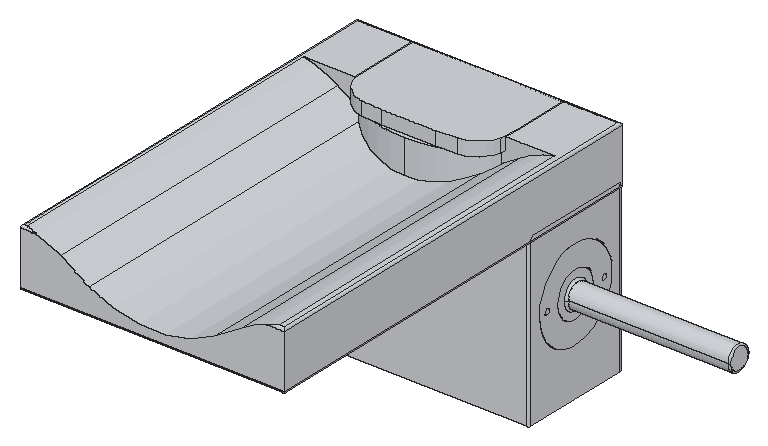
Revit family "Faucet-Lavatory-KOHLER-Beitou -K-99856IN", category Plumbing Fixtures, host Face, Revit 2017
Family settings
  Host = Face
  Round Connector Dimension = Use Diameter
  Part Type = Normal
  OmniClass Number = 23.31.11.00
  Cut with Voids When Loaded = No
  Shared = No
  Room Calculation Point = No
Parameters (values of type "CP-Polished Chrome")
  Width = 4 17/128"  # constant formula
  WaterSense Certified = 1 = 0  # no
  Waste Water Outlet = "Waste Water Outlet"  # constant formula
  Waste Connection = 1 = 0  # no
  Vent Connection = 1 = 0  # no
  URL = "https://www.kohler.co.in/"
  Type = 1
  Spout Reach = 5 171/256"  # constant formula
  Product Page URL = "https://www.kohler.co.in/product-detail/99856in-4?skuid=K-99856IN-4-CP"
  Product Name = "Beitou"  # constant formula
  Product Documentation Link = ""
  Pressure = 0.00 psi
  Model = "K-99856IN-4-CP"  # constant formula
  Material = "Brass Construction"  # constant formula
  Master Format 2014 Name = "Residential Faucets, Supplies, and Trim"  # constant formula
  Master Format 2014 = "22 41 39"  # constant formula
  Manufacturer Address = "Ambience Office Tower NH-8 Gurgaon / Gurugram Haryana , 122001"  # constant formula
  Manufacturer = "KOHLER Co."  # constant formula
  Length = Spout Reach  # 5 171/256"
  Hot Water Inlet = "Hot Water Inlet"  # constant formula
  Height = 3 119/256"  # constant formula
  HW Connection = 1 = 1  # yes
  Flow Rate = 0 GPM
  Finish = Kohler-Metal-CP-Polished_Chrome
  Environmental Product Declaration = ""
  Drain Included = 1 = 0  # no
  Description = "Single Control Lavatory Faucet"  # constant formula
  Default Elevation = 36"
  Declare Label = ""
  Date Modified = "11/06/2020"  # constant formula
  Date Created = "11/06/2020"  # constant formula
  Copyright = "Copyright KOHLER Co."  # constant formula
  Contact Us = "https://www.kohler.co.in/contact-us"
  Cold Water Inlet = "Cold Water Inlet"  # constant formula
  CW Connection = 1 = 1  # yes
  Assembly Code = "D2010"
  ADA Compliant = 1 = 0  # no
Reference planes (in)
  plane 1 "Center (Front/Back)": y = 0
  plane 2: z = 0
  plane 3 "Center (Left/Right)": x = 0
  plane 4: y = 0.9068344
  plane 5: x = -2.0669291
  plane 6: y = -0.9055118
  plane 7: x = -1.1023622
  plane 8: x = 0.6108658
  plane 9: x = 1.1023622
  plane 10: x = -0.6108658
  plane 11: y = -5.6679688
  plane 12: x = 2.0658834
  plane 13: x = 4.6259843
  plane 14: z = 1.4645669
  plane 15: z = 3.4648437
Dimensions and locks (in)
  "Width": plane 5 to plane 12
  "Spout Reach": plane 1 "Center (Front/Back)" to plane 11
  plane 4 to plane 11 = 6.5748"
  locked: plane 13 to plane 3 "Center (Left/Right)" at 4.6259843
  "Height": plane 15 to level
  aligned and locked: plane 2 to host face
  aligned and locked: level to host face
  aligned and locked: plane 3 "Center (Left/Right)" to nested 1
  aligned and locked: plane 1 "Center (Front/Back)" to nested 1
Automatic sketch dimensions
  host sketch curve to host sketch curve = 96"  (x2)
Nested families (in)
  nested 1: "K-99856IN" at (0, 0, -7.2795276), type "K-99856IN"
Connectors (in)
  piping at (-1.1023622, 0, 0), diameter 0.5, driven by "Flow Rate", driven by "HW Connection", driven by "Hot Water Inlet"
    settings: on nested 1, index 1, connector inside diameter 24", connector length 0", flow factor 0, pipe flow 0 GPM, pressure drop 0.00 psi, fitting loss kfactor 0, connector angle 0.00°, fixture units 0, engagement length 0", angle of deflection 0.00°, flow configuration 0, flow direction 1, fitting loss method 0, system type 19, joint type 0, gender type 0, connector reference index -1, connector utility 1, adjustable connector no, is connector primary yes, connector description "Hot Water Inlet"
  piping at (1.1023622, 0, 0), diameter 0.5, driven by "Flow Rate", driven by "CW Connection", driven by "Cold Water Inlet"
    settings: on nested 1, index 2, connector inside diameter 24", connector length 0", flow factor 0, pipe flow 0 GPM, pressure drop 0.00 psi, fitting loss kfactor 0, connector angle 0.00°, fixture units 0, engagement length 0", angle of deflection 0.00°, flow configuration 0, flow direction 1, fitting loss method 0, system type 20, joint type 0, gender type 0, connector reference index -1, connector utility 1, adjustable connector no, is connector primary no, connector description "Cold Water Inlet"
Definition of nested family "K-99856IN"
  Parameters (values of type "K-99856IN")
    Material = none
  Reference planes (in)
    plane 1 "Center (Front/Back)": y = 0
    plane 2: z = 0
    plane 3 "Center (Left/Right)": x = 0
    plane 4: x = -2.0669291
    plane 5: x = 2.0669291
    plane 6: x = 4.6259843
    plane 7: z = 10.7440945
    plane 8: z = 8.7440945
    plane 9: y = -5.6692913
    plane 10: z = 7.2795276
    plane 11: x = -0.6108658
    plane 12: x = 0.6108658
    plane 13: x = -1.1023622
    plane 14: x = 1.1023622
    plane 15: y = 0.9055118
    plane 16: y = -0.9055118
  Forms (in)
    Sweep 1, solid, material <- "Material", detail levels medium+fine
      path origin (0, 0, 0) x (0, 1, 0) y (0, 0, 1)
        loop
          line (0.9055118, 7.2795276) -> (0.9055118, 9.9212598)
      profile origin (0, 0.9055118, 8.6003937) x (0, -1, 0) y (1, 0, 0)
        loop
          arc (0, -2.0275591) -> (0.0115312, -2.0553979) -> (0.0393701, -2.0669291) r 0.0393701
          line (0.0393701, -2.0669291) -> (1.7716535, -2.0669291)
          arc (1.7716535, -2.0669291) -> (1.7994924, -2.0553979) -> (1.8110236, -2.0275591) r 0.0393701
          line (1.8110236, -2.0275591) -> (1.8110236, 2.0275591)
          arc (1.8110236, 2.0275591) -> (1.7994924, 2.0553979) -> (1.7716535, 2.0669291) r 0.0393701
          line (1.7716535, 2.0669291) -> (0.0393701, 2.0669291)
          arc (0.0393701, 2.0669291) -> (0.0115312, 2.0553979) -> (0, 2.0275591) r 0.0393701
          line (0, 2.0275591) -> (0, -2.0275591)
    Sweep 2, solid, material <- "Material", detail levels medium+fine
      path origin (0, 0, 0) x (1, 0, 0) y (0, 1, 0)
        loop
          line (-2.0272385, 0.8659735) -> (-2.0272385, -5.6297874) -> (2.0272385, -5.6297874) -> (2.0272385, 0.8659735) -> (-2.0272385, 0.8659735)
      profile origin (2.0272385, -2.3819069, 0) x (1, 0, 0) y (0, 0, 1)
        loop
          line (-0.0307579, 10.7440945) -> (-0.0307579, 9.8421792) -> (0.0200009, 9.8421792)
          arc (0.0200009, 9.8421792) -> (0.0339236, 9.8479462) -> (0.0396906, 9.861869) r 0.0196898
          line (0.0396906, 9.861869) -> (0.0396906, 10.7047518)
          arc (0.0396906, 10.7047518) -> (0.0281674, 10.7325713) -> (0.0003479, 10.7440945) r 0.0393427
          line (0.0003479, 10.7440945) -> (-0.0307579, 10.7440945)
    Sweep 3, solid, material <- "Material", detail levels medium+fine
      path origin (0, 0, 0) x (0, 1, 0) y (0, 0, 1)
        loop
          circle (0.0006489, 8.740906) r 0.169298
      profile origin (0, 0.0006489, 8.9102041) x (0, 0, -1) y (1, 0, 0)
        loop
          line (0.0324208, 4.6259843) -> (0.0014478, 4.6259843)
          arc (0.0014478, 4.6259843) -> (-0.012907, 4.6200383) -> (-0.0188529, 4.6056835) r 0.0203007
          line (-0.0188529, 4.6056835) -> (-0.0188529, 2.1068724)
          arc (-0.0188529, 2.1068724) -> (-0.030552, 2.0786282) -> (-0.0587961, 2.0669291) r 0.0399432
          line (-0.0587961, 2.0669291) -> (0.0324208, 2.0669291) -> (0.0324208, 4.6259843)
    Extrusion 4, solid, material <- "Material", detail levels medium+fine
      sketch origin (0, 0, 0) x (0, 1, 0) y (0, 0, 1)
        loop
          circle (0.0006489, 8.740906) r 0.1368772
      from 2.0669291 to 4.6259843
    Extrusion 5, solid, material <- "Material", detail levels medium+fine
      sketch origin (-0.0298064, 0, 0) x (1, 0, 0) y (0, 1, 0)
        loop
          line (-1.9964806, 0.8352157) -> (-1.9964806, -5.5990295) -> (2.026287, -5.5990295) -> (2.026287, 0.8352157) -> (-1.9964806, 0.8352157)
      from 9.8421792 to 10.7440945
    Extrusion 6, void, detail levels medium+fine
      sketch origin (0, 0, -0.0544743) x (1, 0, 0) y (0, 0, 1)
        loop
          arc (-1.0037395, 10.3120449) -> (-0.0135896, 10.0485715) -> (0.9765602, 10.3120449) r 1.9922598
          arc (0.9765602, 10.3120449) -> (1.1970344, 10.444138) -> (1.4121499, 10.5847893) r 6.5420486
          arc (1.4121499, 10.5847893) -> (1.8035482, 10.7664441) -> (2.2326175, 10.8121686) r 1.3200005
          line (2.2326175, 10.8121686) -> (2.2326175, 11.0733099) -> (-2.3948685, 11.0733099) -> (-2.3948685, 10.7973172)
          arc (-2.3948685, 10.7973172) -> (-1.8966699, 10.7829033) -> (-1.4393292, 10.5847893) r 1.3200005
          arc (-1.4393292, 10.5847893) -> (-1.2242137, 10.444138) -> (-1.0037395, 10.3120449) r 6.5420486
      from 0.251129 to 6.1770874
    Extrusion 7, solid, material <- "Material", detail levels medium+fine
      sketch origin (0, 0, 0) x (1, 0, 0) y (0, 1, 0)
        loop
          arc (-1.1811024, 0) -> (-1.1803093, -0.0555895) -> (-1.1779309, -0.1111338) r 1.9487547
          arc (-1.1779309, -0.1111338) -> (-1.1678638, -0.2063706) -> (-1.1486662, -0.3001942) r 0.9926676
          arc (-1.1486662, -0.3001942) -> (-1.0019473, -0.5383407) -> (-0.7459164, -0.6509835) r 0.4700974
          arc (-0.7459164, -0.6509835) -> (-0.5834517, -0.6647108) -> (-0.4204724, -0.6692913) r 2.9017388
          line (-0.4204724, -0.6692913) -> (0.4204724, -0.6692913)
          arc (0.4204724, -0.6692913) -> (0.5841058, -0.6646739) -> (0.7472185, -0.6508363) r 2.9017388
          arc (0.7472185, -0.6508363) -> (1.0018802, -0.5388523) -> (1.1481485, -0.3022121) r 0.4685039
          arc (1.1481485, -0.3022121) -> (1.1572068, -0.2639337) -> (1.1647415, -0.2253265) r 0.9926676
          arc (1.1647415, -0.2253265) -> (1.1729905, -0.1684212) -> (1.1779309, -0.1111338) r 0.9926676
          arc (1.1779309, -0.1111338) -> (1.1803093, -0.0555895) -> (1.1811024, 0) r 1.9487547
          line (1.1811024, 0) -> (1.1811024, 0.8816998) -> (-1.1811024, 0.8816998) -> (-1.1811024, 0)
      from 10.5289738 to 10.7440945
    Extrusion 8, void, detail levels medium+fine
      sketch origin (0, 0, 0) x (1, 0, 0) y (0, 1, 0)
        loop
          line (-1.1850394, 0.8816998) -> (-1.1850394, -0.251129) -> (1.1850394, -0.251129) -> (1.1850394, 0.8816998) -> (-1.1850394, 0.8816998)
      from 10.5289738 to 10.7891431
    Extrusion 9, solid, material <- "Material", detail levels medium+fine
      sketch origin (0, 0, 0) x (1, 0, 0) y (0, 1, 0)
        loop
          spline (0, 0.4851303) -> (-0.2904072, 0.4642233) -> (-0.5610236, 0.4029269) -> (-0.7934072, 0.3054185) -> (-0.9717214, 0.1783431) -> (-1.0838144, 0.0303607) -> (-1.1220472, -0.1284441) -> (-1.0838144, -0.2872488) -> (-0.9717214, -0.4352313) -> (-0.7934072, -0.5623067) -> (-0.5610236, -0.6598151) -> (-0.2904072, -0.7211115) -> (0, -0.7420185)
          spline (0, -0.7420185) -> (0.2904072, -0.7211115) -> (0.5610236, -0.6598151) -> (0.7934072, -0.5623067) -> (0.9717214, -0.4352313) -> (1.0838144, -0.2872488) -> (1.1220472, -0.1284441) -> (1.0838144, 0.0303607) -> (0.9717214, 0.1783431) -> (0.7934072, 0.3054185) -> (0.5610236, 0.4029269) -> (0.2904072, 0.4642233) -> (0, 0.4851303)
      from 9.9212598 to 10.5289738
    Extrusion 10, void, detail levels medium+fine
      sketch origin (0, 0, 0) x (0, 1, 0) y (0, 0, 1)
        loop
          circle (-0.0005732, 8.741565) r 0.7199009
        loop
          circle (-0.0005732, 8.741565) r 0.3559253
        loop
          circle (-0.0005732, 8.741565) r 0.7120269
        loop
          circle (-0.0005732, 8.741565) r 0.3480513
      from 2.0576808 to 2.2396435
    Extrusion 11, solid, material <- "Material", detail levels medium+fine
      sketch origin (0, 0, 0) x (1, 0, 0) y (0, 1, 0)
        loop
          circle (-0.6108658, 0) r 0.0393701
        loop
          circle (0.6108658, 0) r 0.0393701
      from 7.2795276 to 7.3216678
    Extrusion 12, void
      sketch origin (0, 0, 0) x (0, 1, 0) y (0, 0, 1)
        loop
          circle (-0.557955, 8.7400852) r 0.0398
        loop
          circle (0.557955, 8.7400852) r 0.0398
      from 1.9141396 to 2.1727937
    Extrusion 13, solid, detail levels medium+fine
      sketch origin (0, 0, 0) x (0, 1, 0) y (0, 0, 1)
        loop
          circle (0.557955, 8.7400852) r 0.0398
      from 1.9141396 to 2.0669291
    Extrusion 14, solid, detail levels medium+fine
      sketch origin (0, 0, 0) x (0, 1, 0) y (0, 0, 1)
        loop
          circle (-0.557955, 8.7400852) r 0.0398
      from 1.9141396 to 2.0669291
    Extrusion 15, solid, material <- "Material", detail levels medium+fine
      sketch origin (0, 0, 0) x (1, 0, 0) y (0, 1, 0)
        loop
          circle (-1.1023622, 0) r 0.2362205
        loop
          circle (1.1023622, 0) r 0.2362205
      from 7.2795276 to 7.4143317
    Extrusion 16, solid, material <- "Material", detail levels coarse
      sketch origin (0, 0, 0) x (1, 0, 0) y (0, 0, 1)
        loop
          line (-2.0669291, 10.7440945) -> (-2.0669291, 7.2795276) -> (2.0669291, 7.2795276) -> (2.0669291, 10.7440945) -> (-2.0669291, 10.7440945)
      from -0.9055118 to 1.0168886
    Revolve 17, solid, material <- "Material", detail levels coarse
      sketch origin (0, 0, 0) x (1, 0, 0) y (0, 0, 1)
        loop
          line (4.6259843, 8.9690802) -> (1.6260551, 8.9690802) -> (1.6260551, 8.7440945) -> (4.6259843, 8.7440945) -> (4.6259843, 8.9690802)
        axis (1.6260551, 8.7440945) -> (4.6259843, 8.7440945)
      angle from 0 to 360
    Extrusion 18, solid, material <- "Material", detail levels coarse
      sketch origin (0, 0, 0) x (1, 0, 0) y (0, 0, 1)
        loop
          line (-2.0669291, 10.7440945) -> (-2.0669291, 9.8364588) -> (2.0669291, 9.8364588) -> (2.0669291, 10.7440945) -> (1.4636373, 10.7440945)
          arc (1.4636373, 10.7440945) -> (-0.0127407, 10.0532102) -> (-1.4891186, 10.7440945) r 1.9229073
          line (-1.4891186, 10.7440945) -> (-2.0669291, 10.7440945)
      from -0.9055118 to 5.669478
  Cuts and joins
    Extrusion 10, Extrusion 12 cuts Sweep 1
    Extrusion 12 cuts Sweep 3
    Extrusion 12 cuts Extrusion 4
    Extrusion 12 cuts Extrusion 11
    joined: Sweep 1, Sweep 3, Extrusion 4, Extrusion 7, Extrusion 9, Extrusion 11
    Extrusion 6, Extrusion 8 cuts Sweep 2
    Extrusion 6, Extrusion 8 cuts Extrusion 5
    joined: Sweep 2, Extrusion 5
    joined: Extrusion 16, Revolve 17, Extrusion 18
  Lines and regions (in)
    Masking region 1
      outline origin (0, 0, 0) x (1, 0, 0) y (0, 1, 0)
        loop
          arc (2.0287193, -5.6692913) -> (2.0557377, -5.6580999) -> (2.0669291, -5.6310815) r 0.0382098
          line (2.0669291, -5.6310815) -> (2.0669291, -0.2295886)
          arc (2.0669291, -0.2295886) -> (2.0788227, -0.2008749) -> (2.1075365, -0.1889813) r 0.0406073
          line (2.1075365, -0.1889813) -> (4.6049589, -0.1889813)
          arc (4.6049589, -0.1889813) -> (4.6198261, -0.1828231) -> (4.6259843, -0.1679559) r 0.0210254
          line (4.6259843, -0.1679559) -> (4.6259843, 0.1689122)
          arc (4.6259843, 0.1689122) -> (4.6201062, 0.1831032) -> (4.6059152, 0.1889813) r 0.0200691
          line (4.6059152, 0.1889813) -> (2.1080383, 0.1889813)
          arc (2.1080383, 0.1889813) -> (2.0789697, 0.2010219) -> (2.0669291, 0.2300904) r 0.0411092
          line (2.0669291, 0.2300904) -> (2.0669291, 0.8662628)
          arc (2.0669291, 0.8662628) -> (2.0554334, 0.894016) -> (2.0276801, 0.9055118) r 0.039249
          line (2.0276801, 0.9055118) -> (1.2235752, 0.9055118)
          arc (1.2235752, 0.9055118) -> (1.2010195, 0.898221) -> (1.1869987, 0.8791074) r 0.0385358
          arc (1.1869987, 0.8791074) -> (1.1794257, 0.897763) -> (1.1608426, 0.9055118) r 0.0261573
          line (1.1608426, 0.9055118) -> (-1.1608426, 0.9055118)
          arc (-1.1608426, 0.9055118) -> (-1.1794257, 0.897763) -> (-1.1869987, 0.8791074) r 0.0261573
          arc (-1.1869987, 0.8791074) -> (-1.2010195, 0.898221) -> (-1.2235752, 0.9055118) r 0.0385358
          line (-1.2235752, 0.9055118) -> (-2.0283935, 0.9055118)
          arc (-2.0283935, 0.9055118) -> (-2.0556423, 0.894225) -> (-2.0669291, 0.8669762) r 0.0385356
          line (-2.0669291, 0.8669762) -> (-2.0669291, -5.6295987)
          arc (-2.0669291, -5.6295987) -> (-2.0553034, -5.6576656) -> (-2.0272365, -5.6692913) r 0.0396927
          line (-2.0272365, -5.6692913) -> (2.0287193, -5.6692913)
    Masking region 2
      outline origin (0, 0, 0) x (0, 1, 0) y (0, 0, 1)
        loop
          line (0.9055118, 7.2795276) -> (0.9055118, 9.8181802)
          arc (0.9055118, 9.8181802) -> (0.8995361, 9.8326069) -> (0.8852902, 9.8385827) r 0.0204025
          arc (0.8852902, 9.8385827) -> (0.899589, 9.8445054) -> (0.9055118, 9.8588043) r 0.0202216
          line (0.9055118, 9.8588043) -> (0.9055118, 10.7029794)
          arc (0.9055118, 10.7029794) -> (0.8934695, 10.7320522) -> (0.8643967, 10.7440945) r 0.0411151
          line (0.8643967, 10.7440945) -> (-5.6292231, 10.7440945)
          arc (-5.6292231, 10.7440945) -> (-5.6575556, 10.7323588) -> (-5.6692913, 10.7040262) r 0.0400683
          line (-5.6692913, 10.7040262) -> (-5.6692913, 9.859204)
          arc (-5.6692913, 9.859204) -> (-5.6632515, 9.8446225) -> (-5.6486701, 9.8385827) r 0.0206213
          line (-5.6486701, 9.8385827) -> (-0.8858268, 9.8385827)
          arc (-0.8858268, 9.8385827) -> (-0.8997462, 9.8328171) -> (-0.9055118, 9.8188976) r 0.019685
          line (-0.9055118, 9.8188976) -> (-0.9055118, 7.2795276) -> (0.9055118, 7.2795276)
    Masking region 3
      outline origin (0, 0, 0) x (1, 0, 0) y (0, 0, 1)
        loop
          line (-2.0669291, 10.7058523) -> (-2.0669291, 9.8585933)
          arc (-2.0669291, 9.8585933) -> (-2.0610682, 9.8444437) -> (-2.0469185, 9.8385827) r 0.0200106
          arc (-2.0469185, 9.8385827) -> (-2.0610013, 9.8326548) -> (-2.0669291, 9.8183438) r 0.0202389
          line (-2.0669291, 9.8183438) -> (-2.0669291, 7.2795276) -> (2.0669291, 7.2795276) -> (2.0669291, 8.5124717)
          arc (2.0669291, 8.5124717) -> (2.0782944, 8.53991) -> (2.1057327, 8.5512753) r 0.0388036
          line (2.1057327, 8.5512753) -> (4.6058685, 8.5512753)
          arc (4.6058685, 8.5512753) -> (4.6200925, 8.5571671) -> (4.6259843, 8.5713911) r 0.0201158
          line (4.6259843, 8.5713911) -> (4.6259843, 8.9083523)
          arc (4.6259843, 8.9083523) -> (4.6199251, 8.9229804) -> (4.6052969, 8.9290396) r 0.0206874
          line (4.6052969, 8.9290396) -> (2.1069697, 8.9290396)
          arc (2.1069697, 8.9290396) -> (2.0786567, 8.9407672) -> (2.0669291, 8.9690802) r 0.0400406
          line (2.0669291, 8.9690802) -> (2.0669291, 9.8183438)
          arc (2.0669291, 9.8183438) -> (2.0610013, 9.8326548) -> (2.0466902, 9.8385827) r 0.0202389
          arc (2.0466902, 9.8385827) -> (2.0610682, 9.8444437) -> (2.0669291, 9.8585933) r 0.0200106
          line (2.0669291, 9.8585933) -> (2.0669291, 10.7047244)
          arc (2.0669291, 10.7047244) -> (2.0553979, 10.7325633) -> (2.0275591, 10.7440945) r 0.0393701
          line (2.0275591, 10.7440945) -> (1.3459446, 10.7440945) -> (-1.3096356, 10.7440945) -> (-2.028687, 10.7440945)
          arc (-2.028687, 10.7440945) -> (-2.0557283, 10.7328936) -> (-2.0669291, 10.7058523) r 0.0382422
    symbolic lines, detail levels medium+fine
      curve 1: line (2.0669291, 0.8662628, 0) -> (1.1848824, 0.8661417, 0)
      curve 2: line (2.0276801, 0.9055118, 0) -> (2.0287193, -5.6692913, 0)
      curve 3: line (-2.0669291, -5.6295987, 0) -> (2.0669291, -5.6310815, 0)
      curve 4: line (-2.0272365, 0.9055118, 0) -> (-2.0272365, -5.6692913, 0)
      curve 5: line (-1.1811024, 0, 0) -> (-1.1811024, 0.8661417, 0)
      curve 6: line (1.1811024, 0, 0) -> (1.1811024, 0.8661417, 0)
      curve 7: line (-1.1848824, 0.8661417, 0) -> (-2.0669201, 0.8661417, 0)
      curve 8: arc (-1.1869987, 0.8791074, 0) -> (-1.1853269, 0.8727248, 0) -> (-1.1848824, 0.8661417, 0) r 0.0350071
      curve 9: line (1.1811024, 0.8661417, 0) -> (-1.1811024, 0.8661417, 0)
      curve 10: arc (1.1869987, 0.8791074, 0) -> (1.1853269, 0.8727248, 0) -> (1.1848824, 0.8661417, 0) r 0.0350071
      curve 11: arc (-1.1811024, 0, 0) -> (-1.1803093, -0.0555895, 0) -> (-1.1779309, -0.1111338, 0) r 1.9487547
      curve 12: arc (-1.1779309, -0.1111338, 0) -> (-1.1678638, -0.2063706, 0) -> (-1.1486662, -0.3001942, 0) r 0.9926676
      curve 13: arc (-1.1486662, -0.3001942, 0) -> (-1.0019473, -0.5383407, 0) -> (-0.7459164, -0.6509835, 0) r 0.4700974
      curve 14: arc (-0.7459164, -0.6509835, 0) -> (-0.5834517, -0.6647108, 0) -> (-0.4204724, -0.6692913, 0) r 2.9017388
      curve 15: line (-0.4204724, -0.6692913, 0) -> (0.4204724, -0.6692913, 0)
      curve 16: arc (0.4204724, -0.6692913, 0) -> (0.5841058, -0.6646739, 0) -> (0.7472185, -0.6508363, 0) r 2.9017388
      curve 17: arc (0.7472185, -0.6508363, 0) -> (1.0018802, -0.5388523, 0) -> (1.1481485, -0.3022121, 0) r 0.4685039
      curve 18: arc (1.1481485, -0.3022121, 0) -> (1.1572068, -0.2639337, 0) -> (1.1647415, -0.2253265, 0) r 0.9926676
      curve 19: arc (1.1647415, -0.2253265, 0) -> (1.1729905, -0.1684212, 0) -> (1.1779309, -0.1111338, 0) r 0.9926676
      curve 20: arc (1.1779309, -0.1111338, 0) -> (1.1803093, -0.0555895, 0) -> (1.1811024, 0, 0) r 1.9487547
      curve 21: arc (-1.1295936, -0.2953224, 0) -> (-0.9890184, -0.5234967, 0) -> (-0.7437087, -0.6314227, 0) r 0.4504123
      curve 22: arc (-1.1582779, -0.1100112, 0) -> (-1.1484104, -0.2033594, 0) -> (-1.1295936, -0.2953224, 0) r 0.9729825
      curve 23: arc (-1.1614173, 0, 0) -> (-1.1606323, -0.055028, 0) -> (-1.1582779, -0.1100112, 0) r 1.9290697
      curve 24: arc (-0.7437087, -0.6314227, 0) -> (-0.5823461, -0.6450568, 0) -> (-0.4204724, -0.6496063, 0) r 2.8820538
      curve 25: line (-0.4204724, -0.6496063, 0) -> (0.4204724, -0.6496063, 0)
      curve 26: arc (0.4204724, -0.6496063, 0) -> (0.5829958, -0.6450202, 0) -> (0.7450019, -0.6312764, 0) r 2.8820538
      curve 27: arc (0.7450019, -0.6312764, 0) -> (0.9889635, -0.5239977, 0) -> (1.1290861, -0.2973004, 0) r 0.4488189
      curve 28: arc (1.1290861, -0.2973004, 0) -> (1.1379648, -0.259781, 0) -> (1.14535, -0.2219394, 0) r 0.9729825
      curve 29: arc (1.1582779, -0.1100112, 0) -> (1.1606323, -0.055028, 0) -> (1.1614173, 0, 0) r 1.9290697
      curve 30: arc (1.14535, -0.2219394, 0) -> (1.1534355, -0.1661626, 0) -> (1.1582779, -0.1100112, 0) r 0.9729825
      curve 31: line (-1.1614173, 0, 0) -> (-1.1614173, 0.8661417, 0)
      curve 32: line (1.1614173, 0, 0) -> (1.1614173, 0.8661417, 0)
      curve 33: arc (-0.4789141, -0.6687028, 0) -> (0, -0.7289998, 0) -> (0.4789141, -0.6687028, 0) r 1.9320565
      curve 34: line (2.0669291, 0.2300904, 0) -> (2.0669291, -0.2295886, 0)
      curve 35: line (2.1080383, -0.1889844, 0) -> (2.1080383, 0.1889813, 0)
      curve 36: line (4.6049589, 0.1889585, 0) -> (4.6049589, -0.1889813, 0)
      curve 37: line (0, -5.6299213, 9.8582681) -> (0, 0.8661417, 9.8582681)
      curve 38: line (0, -5.6299213, 10.7007851) -> (0, -5.6299213, 9.8582681)
      curve 39: line (0, 0.8661417, 10.7007849) -> (0, -5.6299213, 10.7007851)
      curve 40: line (0, 0.8661417, 10.7007849) -> (0, 0.8661417, 9.8181802)
      curve 41: line (0, 0.8661417, 9.8181802) -> (0, 0.8661417, 7.2795276)
      curve 42: line (0, 0.8661417, 9.8181802) -> (0, -0.8661417, 9.8181802)
      curve 43: line (0, -0.8661417, 7.2795276) -> (0, -0.8661417, 9.8385827)
      curve 44: line (0, -0.9055118, 9.8385827) -> (0, 0.8852902, 9.8385827)
      curve 45: line (0, 0.8661417, 9.8582681) -> (0, 0.9055118, 9.8582681)
      curve 46: line (0, 0.8661417, 9.8181802) -> (0, 0.9055118, 9.8181802)
      curve 47: line (0, -0.8661417, 9.8181802) -> (0, -0.9054987, 9.8181802)
      curve 48: line (0, 0.8661417, 10.7007849) -> (0, 0.8661417, 10.7440574)
      curve 49: line (0, 0.8661417, 10.7007849) -> (0, 0.9055118, 10.7007849)
      curve 50: line (0, -5.6299213, 10.7007851) -> (0, -5.6692913, 10.7007851)
      curve 51: line (0, -5.6299213, 10.7007851) -> (0, -5.6299213, 10.7440945)
      curve 52: line (0, -5.6299213, 9.8582681) -> (0, -5.6692913, 9.8582681)
      curve 53: line (0, -5.6299213, 9.872047) -> (0, -5.6299213, 9.8385827)
      curve 54: line (-2.027559, 0, 10.7007869) -> (-2.0275591, 0, 9.8385827)
      curve 55: line (-2.0490082, 0, 9.8385827) -> (2.048135, 0, 9.8385827)
      curve 56: line (2.0669265, 0, 9.8582677) -> (-2.0669265, 0, 9.8582677)
      curve 57: line (-2.0669216, 0, 9.8188976) -> (2.0669216, 0, 9.8188976)
      curve 58: line (2.0275591, 0, 10.7007869) -> (2.0275591, 0, 9.8385827)
      curve 59: line (2.0275591, 0, 9.8385827) -> (2.0275591, 0, 7.2795276)
      curve 60: line (-2.0275591, 0, 7.2795276) -> (-2.0275591, 0, 9.8385827)
      curve 61: line (4.6064501, 0, 8.9289677) -> (4.6064501, 0, 8.551369)
      curve 62: line (2.1058731, 0, 8.9291876) -> (2.1058731, 0, 8.5511548)
      curve 63: line (2.0669291, 0, 8.9690802) -> (2.0669291, 0, 8.5124717)
      curve 64: arc (-2.0431838, 0, 10.7412402) -> (-1.8499117, 0, 10.7136681) -> (-1.6654841, 0, 10.6496307) r 1.0157736
      curve 65: arc (-2.027559, 0, 10.7007869) -> (-1.8165597, 0, 10.6656566) -> (-1.619006, 0, 10.5836362) r 0.9379858
      curve 66: arc (-1.6654841, 0, 10.6496307) -> (-1.5107749, 0, 10.56992) -> (-1.3639142, 0, 10.4765354) r 1.9211122
      curve 67: arc (-1.3639142, 0, 10.4765354) -> (-1.165333, 0, 10.3431156) -> (-0.9615509, 0, 10.2177833) r 5.9524026
      curve 68: arc (-0.9615509, 0, 10.2177833) -> (-0.8231552, 0, 10.1462124) -> (-0.6778478, 0, 10.089985) r 1.4425518
      curve 69: arc (-1.619006, 0, 10.5836362) -> (-1.4191844, 0, 10.4662936) -> (-1.2250172, 0, 10.3398142) r 4.9975336
      curve 70: arc (-1.2250172, 0, 10.3398142) -> (-1.0755604, 0, 10.2428901) -> (-0.9214078, 0, 10.1536228) r 3.5327637
      curve 71: arc (-0.9214078, 0, 10.1536228) -> (-0.7601076, 0, 10.0775809) -> (-0.5909599, 0, 10.0211082) r 1.5082541
      curve 72: arc (2.0275591, 0, 10.7404089) -> (1.8423158, 0, 10.7117947) -> (1.6654841, 0, 10.6496307) r 1.0157736
      curve 73: arc (2.0669291, 0, 10.701957) -> (1.8355475, 0, 10.6708862) -> (1.619006, 0, 10.5836362) r 0.9379858
      curve 74: arc (1.6654841, 0, 10.6496307) -> (1.5107749, 0, 10.56992) -> (1.3639142, 0, 10.4765354) r 1.9211122
      curve 75: arc (1.3639142, 0, 10.4765354) -> (1.165333, 0, 10.3431156) -> (0.9615509, 0, 10.2177833) r 5.9524026
      curve 76: arc (0.9615509, 0, 10.2177833) -> (0.8231552, 0, 10.1462124) -> (0.6778478, 0, 10.089985) r 1.4425518
      curve 77: arc (1.619006, 0, 10.5836362) -> (1.4191844, 0, 10.4662936) -> (1.2250172, 0, 10.3398142) r 4.9975336
      curve 78: arc (1.2250172, 0, 10.3398142) -> (1.0755604, 0, 10.2428901) -> (0.9214078, 0, 10.1536228) r 3.5327637
      curve 79: arc (0.9214078, 0, 10.1536228) -> (0.7601076, 0, 10.0775809) -> (0.5909599, 0, 10.0211082) r 1.5082541
      curve 80: arc (-0.5909599, 0, 10.0211082) -> (-0.416242, 0, 9.9792089) -> (-0.2394712, 0, 9.9470528) r 3.242106
      curve 81: arc (0.5909599, 0, 10.0211082) -> (0.416242, 0, 9.9792089) -> (0.2394712, 0, 9.9470528) r 3.242106
      curve 82: arc (-0.2394712, 0, 9.9470528) -> (0, 0, 9.9287903) -> (0.2394712, 0, 9.9470528) r 1.579197
      curve 83: arc (-0.6778478, 0, 10.089985) -> (-0.5134181, 0, 10.0432708) -> (-0.3458907, 0, 10.0093017) r 2.2277261
      curve 84: arc (0.6778478, 0, 10.089985) -> (0.5134181, 0, 10.0432708) -> (0.3458907, 0, 10.0093017) r 2.2277261
      curve 85: arc (-0.3458907, 0, 10.0093017) -> (0, 0, 9.9812789) -> (0.3458907, 0, 10.0093017) r 2.1487063
      curve 86: line (2.0275591, 0, 10.7007869) -> (2.0275591, 0, 10.7440945)
      curve 87: circle (0, -0.0005732, 8.741565) r 0.7199009 normal (1, 0, 0)
      curve 88: circle (0, -0.0005732, 8.741565) r 0.7120269 normal (1, 0, 0)
      curve 89: circle (0, -0.0005732, 8.741565) r 0.3559253 normal (1, 0, 0)
      curve 90: circle (0, -0.0005732, 8.741565) r 0.3480513 normal (1, 0, 0)
      curve 91: circle (0, -0.0005732, 8.741565) r 0.186987 normal (1, 0, 0)
      curve 92: circle (0, 0.557955, 8.7400852) r 0.0398 normal (1, 0, 0)
      curve 93: circle (0, -0.557955, 8.7400852) r 0.0398 normal (1, 0, 0)
      curve 94: spline (0.9147692, 0, 10.345086) -> (0.8835992, 0, 10.2941374) -> (0.7922134, 0, 10.2466608) -> (0.6468395, 0, 10.2058918) -> (0.4573846, 0, 10.1746086) -> (0.2367597, 0, 10.1549431) -> (0, 0, 10.1482356) -> (-0.2367597, 0, 10.1549431) -> (-0.4573846, 0, 10.1746086) -> (-0.6468395, 0, 10.2058918) -> (-0.7922134, 0, 10.2466608) -> (-0.8835992, 0, 10.2941374) -> (-0.9147692, 0, 10.345086) -> (-0.8835992, 0, 10.3960346) -> (-0.7922134, 0, 10.4435112) -> (-0.6468395, 0, 10.4842803) -> (-0.4573846, 0, 10.5155635) -> (-0.2367597, 0, 10.5352289) -> (0, 0, 10.5419364) -> (0.2367597, 0, 10.5352289) -> (0.4573846, 0, 10.5155635) -> (0.6468395, 0, 10.4842803) -> (0.7922134, 0, 10.4435112) -> (0.8835992, 0, 10.3960346) -> (0.9147692, 0, 10.345086)
  Dimensions and locks (in)
    plane 1 "Center (Front/Back)" to plane 9 = 5.66929"
    plane 7 to plane 10 = 3.46457"  (x2)
    plane 5 to plane 4 = 4.13386"
    plane 6 to plane 3 "Center (Left/Right)" = 4.62598"
    plane 8 to plane 10 = 1.46457"
    locked: plane 10 to level at 7.2795276
    locked: plane 9 to plane 1 "Center (Front/Back)" at 5.6692913
    aligned and locked: plane 2 to level
